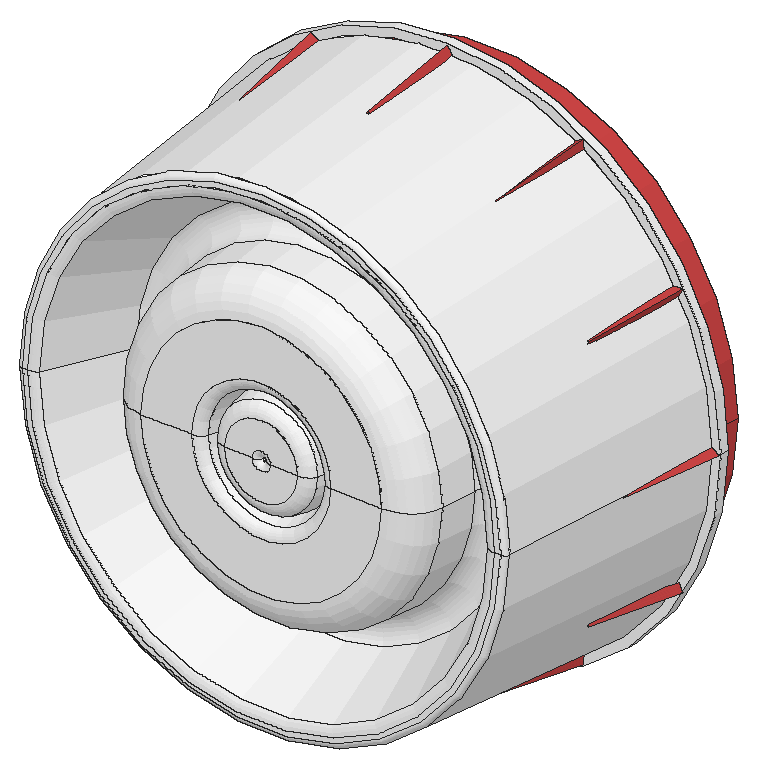
Revit family "DC NFXI-WSF-WC", category Fire Alarm Devices, Revit 2014
Parameters (values of type "Notifier by Honeywell Opal QAddressable Wall Sounder NFXI-WSF-WC")
  Zone number = ""
  URL = "www.notifierfiresystems.co.uk"
  Tel No. = "+44 (0) 1273 897000"
  Product Code = "NFXI-WSF-WC"
  Model = "Wall Mounted Sounder /Beacon"
  Manufacturer = "Notifier by Honeywell"
  Loop number = ""
  Fax No. = "+44 (0) 1273 376894"
  Email = "sales@notifierfiresystems.co.uk"
  Detector number = ""
  Description = "Opal Addressable Wall Sounder / Beacon"
  Control Panel name = ""
  Assembly Code = "D4090900"
  Address line 1 = "Caburn House, Brooks Road, Lewes, E. Sussex BN7 2BY, UK"
Reference planes
  plane 1 "Center (Front/Back)": y = 0
  plane 2: z = 0
  plane 3 "Center (Left/Right)": x = 0
  plane 4: y = -0.006
Forms (mm)
  Revolve 1, solid, material "Plastic - Clear Generic"
    sketch origin (0, 0, 0) x (1, 0, 0) y (0, 1, 0)
      loop
        line (-54.817, -62.964) -> (-59.419, -12.006) -> (-61.419, -12.006) -> (-61.419, -10.006) -> (0, -10.006) -> (0, -61.313) -> (-0.485, -62.901)
        arc (-0.485, -62.901) -> (-1.099, -63.696) -> (-2.039, -64.006) r 1.58
        line (-2.039, -64.006) -> (-8.207, -64.006)
        arc (-8.207, -64.006) -> (-9.965, -63.502) -> (-11.188, -62.144) r 3.316
        line (-11.188, -62.144) -> (-12.011, -58.581) -> (-13.181, -62.41)
        arc (-13.181, -62.41) -> (-14.175, -63.571) -> (-15.639, -64.006) r 2.7
        line (-15.639, -64.006) -> (-26.998, -64.006)
        arc (-26.998, -64.006) -> (-32.313, -62.08) -> (-35.161, -57.196) r 8.297
        line (-35.161, -57.196) -> (-35.889, -49.126)
        arc (-35.889, -49.126) -> (-38.355, -45.68) -> (-42.565, -46.154) r 4.184
        line (-42.565, -46.154) -> (-50.205, -63.314)
        arc (-50.205, -63.314) -> (-51.287, -63.825) -> (-52.47, -64.006) r 4.145
        line (-52.47, -64.006) -> (-53.601, -64.006)
        arc (-53.601, -64.006) -> (-54.459, -63.657) -> (-54.831, -62.809) r 1.231
      axis (0, -10.006) -> (0, -64.006)
    angle from 0 to 360
  Revolve 2, solid, material "Plastic - Green Generic"
    sketch origin (0, 10, 0) x (1, 0, 0) y (0, 1, 0)
      loop
        line (-55.638, -10.006) -> (-54.958, -17.538)
        arc (-54.958, -17.538) -> (-53.926, -19.308) -> (-51.999, -20.006) r 3.007
        line (-51.999, -20.006) -> (0, -20.006) -> (0, -10.006) -> (-55.638, -10.006)
      axis (0, -10.006) -> (0, -20.006)
    angle from 0 to 360
  SweptBlend 3, solid, material "Plastic - Green Generic"
    path origin (0.149, 0, -0.085) x (1, 0, 0) y (0, 1, 0)
      loop
        line (59.411, -12.007) -> (57.448, -34.441)
    profile origin (59.56, -12.007, -0.085) x (0.996195, -0.087156, 0) y (0, 0, 1)
      loop
        line (-0.078, 0.943) -> (-0.078, -0.943) -> (1.623, 0) -> (-0.078, 0.943)
    end profile origin (57.598, -34.441, -0.085) x (0.996195, -0.087156, 0) y (0, 0, 1)
      loop
        line (-0.026, 0) -> (-2.253, 1.678) -> (-2.253, -1.678) -> (-0.026, 0)
  SweptBlend 4, solid, material "Plastic - Green Generic"
    path origin (0.149, 0, -0.085) x (-1, 0, 0) y (0, 1, 0)
      loop
        line (59.411, -12.007) -> (57.448, -34.441)
    profile origin (-59.262, -12.007, -0.085) x (0.996195, 0.087156, 0) y (0, 0, 1)
      loop
        line (0.078, 0.943) -> (-1.623, 0) -> (0.078, -0.943) -> (0.078, 0.943)
    end profile origin (-57.299, -34.441, -0.085) x (0.996195, 0.087156, 0) y (0, 0, 1)
      loop
        line (0.026, 0) -> (2.253, -1.678) -> (2.253, 1.678) -> (0.026, 0)
  SweptBlend 5, solid, material "Plastic - Green Generic"
    path origin (0.149, 0, -0.085) x (0, 0, -1) y (0, -1, 0)
      loop
        line (59.411, 12.007) -> (57.448, 34.441)
    profile origin (0.149, -12.007, -59.496) x (0, 0.087156, 0.996195) y (-1, 0, 0)
      loop
        line (0.078, 0.943) -> (-1.623, 0) -> (0.078, -0.943) -> (0.078, 0.943)
    end profile origin (0.149, -34.441, -57.533) x (0, 0.087156, 0.996195) y (-1, 0, 0)
      loop
        line (0.026, 0) -> (2.253, -1.678) -> (2.253, 1.678) -> (0.026, 0)
  SweptBlend 6, solid, material "Plastic - Green Generic"
    path origin (0.149, 0, -0.085) x (0, 0, 1) y (0, 1, 0)
      loop
        line (59.411, -12.007) -> (57.448, -34.441)
    profile origin (0.149, -12.007, 59.326) x (0, -0.087156, 0.996195) y (-1, 0, 0)
      loop
        line (-0.078, 0.943) -> (-0.078, -0.943) -> (1.623, 0) -> (-0.078, 0.943)
    end profile origin (0.149, -34.441, 57.363) x (0, -0.087156, 0.996195) y (-1, 0, 0)
      loop
        line (-0.026, 0) -> (-2.253, 1.678) -> (-2.253, -1.678) -> (-0.026, 0)
  SweptBlend 7, solid, material "Plastic - Green Generic"
    path origin (0.149, 0, -0.085) x (-0.866025, 0, -0.5) y (0, 1, 0)
      loop
        line (59.411, -12.007) -> (57.448, -34.441)
    profile origin (-51.302, -12.007, -29.791) x (-0.86273, -0.087156, -0.498097) y (0.5, 0, -0.866025)
      loop
        line (-0.078, 0.943) -> (-0.078, -0.943) -> (1.623, 0) -> (-0.078, 0.943)
    end profile origin (-49.603, -34.441, -28.809) x (-0.86273, -0.087156, -0.498097) y (0.5, 0, -0.866025)
      loop
        line (-0.026, 0) -> (-2.253, 1.678) -> (-2.253, -1.678) -> (-0.026, 0)
  SweptBlend 8, solid, material "Plastic - Green Generic"
    path origin (0.149, 0, -0.085) x (0.866025, 0, 0.5) y (0, -1, 0)
      loop
        line (59.411, 12.007) -> (57.448, 34.441)
    profile origin (51.601, -12.007, 29.621) x (-0.86273, 0.087156, -0.498097) y (0.5, 0, -0.866025)
      loop
        line (0.078, 0.943) -> (-1.623, 0) -> (0.078, -0.943) -> (0.078, 0.943)
    end profile origin (49.901, -34.441, 28.639) x (-0.86273, 0.087156, -0.498097) y (0.5, 0, -0.866025)
      loop
        line (0.026, 0) -> (2.253, -1.678) -> (2.253, 1.678) -> (0.026, 0)
  SweptBlend 9, solid, material "Plastic - Green Generic"
    path origin (0.149, 0, -0.085) x (0.866025, 0, -0.5) y (0, 1, 0)
      loop
        line (59.411, -12.007) -> (57.448, -34.441)
    profile origin (51.601, -12.007, -29.791) x (0.86273, -0.087156, -0.498097) y (0.5, 0, 0.866025)
      loop
        line (-0.078, 0.943) -> (-0.078, -0.943) -> (1.623, 0) -> (-0.078, 0.943)
    end profile origin (49.901, -34.441, -28.809) x (0.86273, -0.087156, -0.498097) y (0.5, 0, 0.866025)
      loop
        line (-0.026, 0) -> (-2.253, 1.678) -> (-2.253, -1.678) -> (-0.026, 0)
  SweptBlend 10, solid, material "Plastic - Green Generic"
    path origin (0.149, 0, -0.085) x (-0.866025, 0, 0.5) y (0, -1, 0)
      loop
        line (59.411, 12.007) -> (57.448, 34.441)
    profile origin (-51.302, -12.007, 29.621) x (0.86273, 0.087156, -0.498097) y (0.5, 0, 0.866025)
      loop
        line (0.078, 0.943) -> (-1.623, 0) -> (0.078, -0.943) -> (0.078, 0.943)
    end profile origin (-49.603, -34.441, 28.639) x (0.86273, 0.087156, -0.498097) y (0.5, 0, 0.866025)
      loop
        line (0.026, 0) -> (2.253, -1.678) -> (2.253, 1.678) -> (0.026, 0)
  SweptBlend 11, solid, material "Plastic - Green Generic"
    path origin (0.149, 0, -0.085) x (0.5, 0, 0.866025) y (0, 1, 0)
      loop
        line (59.411, -12.007) -> (57.448, -34.441)
    profile origin (29.855, -12.007, 51.367) x (0.498097, -0.087156, 0.86273) y (-0.866025, 0, 0.5)
      loop
        line (-0.078, 0.943) -> (-0.078, -0.943) -> (1.623, 0) -> (-0.078, 0.943)
    end profile origin (28.873, -34.441, 49.667) x (0.498097, -0.087156, 0.86273) y (-0.866025, 0, 0.5)
      loop
        line (-0.026, 0) -> (-2.253, 1.678) -> (-2.253, -1.678) -> (-0.026, 0)
  SweptBlend 12, solid, material "Plastic - Green Generic"
    path origin (0.149, 0, -0.085) x (-0.5, 0, 0.866025) y (0, -1, 0)
      loop
        line (59.411, 12.007) -> (57.448, 34.441)
    profile origin (-29.556, -12.007, 51.367) x (0.498097, 0.087156, -0.86273) y (0.866025, 0, 0.5)
      loop
        line (0.078, 0.943) -> (-1.623, 0) -> (0.078, -0.943) -> (0.078, 0.943)
    end profile origin (-28.575, -34.441, 49.667) x (0.498097, 0.087156, -0.86273) y (0.866025, 0, 0.5)
      loop
        line (0.026, 0) -> (2.253, -1.678) -> (2.253, 1.678) -> (0.026, 0)
  SweptBlend 13, solid, material "Plastic - Green Generic"
    path origin (0.149, 0, -0.085) x (0.5, 0, -0.866025) y (0, -1, 0)
      loop
        line (59.411, 12.007) -> (57.448, 34.441)
    profile origin (29.855, -12.007, -51.536) x (-0.498097, 0.087156, 0.86273) y (-0.866025, 0, -0.5)
      loop
        line (0.078, 0.943) -> (-1.623, 0) -> (0.078, -0.943) -> (0.078, 0.943)
    end profile origin (28.873, -34.441, -49.837) x (-0.498097, 0.087156, 0.86273) y (-0.866025, 0, -0.5)
      loop
        line (0.026, 0) -> (2.253, -1.678) -> (2.253, 1.678) -> (0.026, 0)
  SweptBlend 14, solid, material "Plastic - Green Generic"
    path origin (0.149, 0, -0.085) x (-0.5, 0, -0.866025) y (0, 1, 0)
      loop
        line (59.411, -12.007) -> (57.448, -34.441)
    profile origin (-29.556, -12.007, -51.536) x (-0.498097, -0.087156, -0.86273) y (0.866025, 0, -0.5)
      loop
        line (-0.078, 0.943) -> (-0.078, -0.943) -> (1.623, 0) -> (-0.078, 0.943)
    end profile origin (-28.575, -34.441, -49.837) x (-0.498097, -0.087156, -0.86273) y (0.866025, 0, -0.5)
      loop
        line (-0.026, 0) -> (-2.253, 1.678) -> (-2.253, -1.678) -> (-0.026, 0)
Lines and regions (mm)
  symbolic lines
    curve 1: circle (0, -100.006, 0) r 100 normal (0, 0, 1)
    curve 2: circle (0, -100.006, 0) r 40 normal (0, 0, 1)
